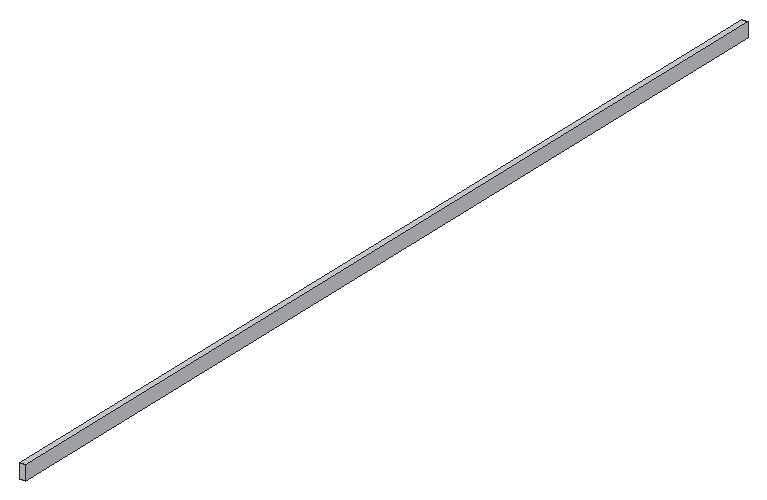
Revit family "20H", category Specialty Equipment, host Face, Revit 2020
Family settings
  Host = Face
  Round Connector Dimension = Use Diameter
  Part Type = Normal
  Cut with Voids When Loaded = No
  Shared = No
  Room Calculation Point = No
Parameters (values of type "SEE TYPE CATEGORY")
  Width = 0' - 0 1/2"
  URL = "http://www.emseal.com/"
  Type Image = EMSEAL 20H.jpg
  Pick Resistance = no
  Product Data URL = "https://bit.ly/3AFohRF"
  Tensile Strength (ASTM D3574) = "21 psi min; 145 kPa"
  Temperature Range (ASTM C711) = "185°F (85°C) to -40°F (-40°C)"
  Staining (ASTM C510) = "None"
  Seal Material Note = "N/A"
  Seal Material [instance] = N/A
  Rate of Air Leakage (ASTM E283) = "Passed"
  R Value Range (ASTM C518) = "2.1 per 1-inch (25mm) depth"
  Product Page URL = "https://bit.ly/3m3xjnw"
  Product Documentation URL = "https://bit.ly/3AFohRF"
  Movement (of Nominal Material Size) = "+25% / -25%"
  Model = "20H"
  Manufacturer = "EMSEAL Joint Systems Ltd"
  Length [instance] = 6' - 6 23/32"
  Durometer Hardness of Silicone Coating (ASTM D2240) = "N/A"
  Description = "Below-Grade Wall Expansion Joint"
  Depth = 0' - 0 3/4"
  Default Elevation = 0' - 0"
  Assembly Code = "C3020200"
  ABAA Compliance = no
  Largest Depth [instance] = if(or(Width < 0' 3 191/256", Width > 0' 4"), Depth, 0' 4")  # 0' - 0 3/4"
  Largest Deep = no
  Large Depth [instance] = if(or(Width < 0' 2 127/256", Width > 0' 2 3/4"), Depth, 0' 3 1/8")  # 0' - 0 3/4"
  Large Deep = no
  Larger Depth [instance] = if(or(Width < 0' 2 253/256", Width > 0' 3 1/2"), Depth, 0' 3 1/2")  # 0' - 0 3/4"
  Larger Deep = no
  Smaller Depth [instance] = if(or(Width < 0' 0 253/256", Width > 0' 1 1/4"), Depth, 0' 2")  # 0' - 0 3/4"
  Smaller Deep = no
  Medium Depth [instance] = if(or(Width < 0' 1 195/256", Width > 0' 2 1/4"), Depth, 0' 2 3/4")  # 0' - 0 3/4"
  Medium Deep = no
  Small Depth [instance] = if(or(Width < 0' 1 125/256", Width > 0' 1 3/4"), Depth, 0' 2 1/2")  # 0' - 0 3/4"
  Small Deep = no
  Smallest Depth [instance] = if(Width < 0' 0 195/256", 0' 1 1/4", Depth)  # 0' - 1 1/4"
  Smallest Deep = yes
Types (3): name | Type Image | Pick Resistance | Product Data URL | Seal Material Note | Seal Material | R Value Range (ASTM C518) | Product Page URL | Product Documentation URL | Movement (of Nominal Material Size) | Model | Durometer Hardness of Silicone Coating (ASTM D2240) | Description | Depth | ABAA Compliance | Largest Depth | Largest Deep | Large Depth | Large Deep | Larger Depth | Larger Deep | Smaller Depth | Smaller Deep | Medium Depth | Medium Deep | Small Depth | Small Deep
  (no name) | EMSEAL 20H.jpg | no | "https://bit.ly/3AFohRF" | "N/A" | N/A | "2.1 per 1-inch (25mm) depth" | "https://bit.ly/3m3xjnw" | "https://bit.ly/3AFohRF" | "+25% / -25%" | "20H" | "N/A" | "Below-Grade Wall Expansion Joint" | 0' - 0 3/4" | no | 0' - 0 3/4" | no | 0' - 0 3/4" | no | 0' - 0 3/4" | no | 0' - 0 3/4" | no | 0' - 0 3/4" | no | 0' - 0 3/4" | no
  DFR - .5 inches | (empty or 0) | yes | "https://bit.ly/34iawcN" | "Emshield DFR-CE is coated on the top and bottom with water-resistant silicone." | none | "1.03 per 1-inch (25mm) depth" | "https://cdn.emseal.com/wp-content/uploads/2020/01/Emshield-DFR-WFR-CE-Product-Data-Sheet-CE-marked-EN1366-4-movment-joint-Emseal.pdf" | "https://bit.ly/2yzQuP1" | "+50% / -50%" | "Emshield DFR-CE" | "Shore A: 25" | "CE Marked, EN 1366-4 Tested Watertight Fire-resistant movement joint" | 0' - 4" | yes | 0' - 4" | yes | 0' - 4" | yes | 0' - 4" | yes | 0' - 4" | yes | 0' - 4" | yes | 0' - 4" | yes
  SEE TYPE CATEGORY | EMSEAL 20H.jpg | no | "https://bit.ly/3AFohRF" | "N/A" | N/A | "2.1 per 1-inch (25mm) depth" | "https://bit.ly/3m3xjnw" | "https://bit.ly/3AFohRF" | "+25% / -25%" | "20H" | "N/A" | "Below-Grade Wall Expansion Joint" | 0' - 0 3/4" | no | 0' - 0 3/4" | no | 0' - 0 3/4" | no | 0' - 0 3/4" | no | 0' - 0 3/4" | no | 0' - 0 3/4" | no | 0' - 0 3/4" | no
Reference planes (in)
  plane 1 "Center (Front/Back)": y = 0
  plane 2: z = 0
  plane 3 "Center (Left/Right)": x = 0
  plane 4 "Width 1": x = -0.25
  plane 5 "Width 2": x = 0.25
  plane 6: y = 39.35937
  plane 7: y = -39.35938
  plane 8: z = -1.25
  plane 9: z = -0.75
  plane 10: z = -0.75
  plane 11: z = -0.75
  plane 12: z = -0.75
  plane 13: z = -0.75
  plane 14: z = -0.75
Forms (in)
  Extrusion 1, void
    sketch origin (0, 0, 0) x (1, 0, 0) y (0, 1, 0)
      loop
        line (-0.25, -39.35938) -> (0.25, -39.35938) -> (0.25, 39.35937) -> (-0.25, 39.35937) -> (-0.25, -39.35938)
    from 0 to -30
  Extrusion 2, solid, visible <- "Smallest Deep"
    sketch origin (0, 0, 0) x (1, 0, 0) y (0, 1, 0)
      loop
        line (-0.25, 39.35937) -> (-0.25, -39.35938) -> (0.25, -39.35938) -> (0.25, 39.35937) -> (-0.25, 39.35937)
    from 0 to -1.25
  Extrusion 3, solid, visible <- "Smaller Deep"
    sketch origin (0, 0, 0) x (1, 0, 0) y (0, 1, 0)
      loop
        line (-0.25, 39.35937) -> (-0.25, -39.35938) -> (0.25, -39.35938) -> (0.25, 39.35937) -> (-0.25, 39.35937)
    from 0 to -0.75
  Extrusion 4, solid, visible <- "Small Deep"
    sketch origin (0, 0, 0) x (1, 0, 0) y (0, 1, 0)
      loop
        line (-0.25, 39.35937) -> (-0.25, -39.35938) -> (0.25, -39.35938) -> (0.25, 39.35937) -> (-0.25, 39.35937)
    from 0 to -0.75
  Extrusion 5, solid, visible <- "Medium Deep"
    sketch origin (0, 0, 0) x (1, 0, 0) y (0, 1, 0)
      loop
        line (-0.25, 39.35937) -> (-0.25, -39.35938) -> (0.25, -39.35938) -> (0.25, 39.35937) -> (-0.25, 39.35937)
    from 0 to -0.75
  Extrusion 6, solid, visible <- "Large Deep"
    sketch origin (0, 0, 0) x (1, 0, 0) y (0, 1, 0)
      loop
        line (-0.25, 39.35937) -> (-0.25, -39.35938) -> (0.25, -39.35938) -> (0.25, 39.35937) -> (-0.25, 39.35937)
    from 0 to -0.75
  Extrusion 7, solid, visible <- "Larger Deep"
    sketch origin (0, 0, 0) x (1, 0, 0) y (0, 1, 0)
      loop
        line (-0.25, 39.35937) -> (-0.25, -39.35938) -> (0.25, -39.35938) -> (0.25, 39.35937) -> (-0.25, 39.35937)
    from 0 to -0.75
  Extrusion 8, solid, visible <- "Largest Deep"
    sketch origin (0, 0, 0) x (1, 0, 0) y (0, 1, 0)
      loop
        line (-0.25, 39.35937) -> (-0.25, -39.35938) -> (0.25, -39.35938) -> (0.25, 39.35937) -> (-0.25, 39.35937)
    from 0 to -0.75
Dimensions and locks (in)
  "Width": plane 4 "Width 1" to plane 5 "Width 2"
  equal spacing: plane 4 "Width 1", plane 3 "Center (Left/Right)", plane 5 "Width 2"
  equal spacing: plane 6, plane 1 "Center (Front/Back)", plane 7
  "Length": plane 6 to plane 7
  "Smallest Depth": plane 2 to plane 8
  "Smaller Depth": plane 2 to plane 9
  "Small Depth": plane 2 to plane 10
  "Medium Depth": plane 2 to plane 11
  "Large Depth": plane 2 to plane 12
  "Larger Depth": plane 2 to plane 13
  "Largest Depth": plane 2 to plane 14
  aligned and locked: plane 2 to host face
  aligned and locked: level to host face
  aligned and locked: Extrusion 1 sketch curve to plane 7
  aligned and locked: Extrusion 1 sketch curve to plane 4 "Width 1"
  aligned and locked: plane 6 to Extrusion 1 sketch curve
  aligned and locked: plane 5 "Width 2" to Extrusion 1 sketch curve
  aligned and locked: Extrusion 2 sketch curve to plane 6
  aligned and locked: plane 4 "Width 1" to Extrusion 2 sketch curve
  aligned and locked: plane 7 to Extrusion 2 sketch curve
  aligned and locked: Extrusion 2 sketch curve to plane 5 "Width 2"
  aligned and locked: Extrusion 2 to plane 8
  aligned and locked: level to Extrusion 2
  aligned and locked: Extrusion 3 to plane 9
  aligned and locked: level to Extrusion 3
  aligned and locked: Extrusion 3 to plane 4 "Width 1"
  aligned and locked: plane 5 "Width 2" to Extrusion 3
  aligned and locked: Extrusion 4 to plane 4 "Width 1"
  aligned and locked: plane 5 "Width 2" to Extrusion 4
  aligned and locked: level to Extrusion 4
  aligned and locked: level to Extrusion 5
  aligned and locked: Extrusion 5 to plane 4 "Width 1"
  aligned and locked: plane 5 "Width 2" to Extrusion 5
  aligned and locked: Extrusion 5 to plane 11
  aligned and locked: Extrusion 6 to plane 12
  aligned and locked: Extrusion 6 to plane 4 "Width 1"
  aligned and locked: plane 5 "Width 2" to Extrusion 6
  aligned and locked: level to Extrusion 6
  aligned and locked: Extrusion 7 to plane 13
  aligned and locked: Extrusion 7 to plane 4 "Width 1"
  aligned and locked: plane 5 "Width 2" to Extrusion 7
  aligned and locked: level to Extrusion 7
  aligned and locked: Extrusion 8 to plane 14
  aligned and locked: Extrusion 8 to plane 4 "Width 1"
  aligned and locked: plane 5 "Width 2" to Extrusion 8
  aligned and locked: level to Extrusion 8
  aligned and locked: Extrusion 4 to plane 10
Automatic sketch dimensions
  host sketch curve to host sketch curve = 8' - 0"  (x2)
  Extrusion 3 sketch curve to plane 4 "Width 1" = 0' - 0"
  Extrusion 3 sketch curve to plane 5 "Width 2" = 0' - 0"
  Extrusion 3 sketch curve to plane 7 = 0' - 0"
  Extrusion 3 sketch curve to plane 6 = 0' - 0"
  Extrusion 4 sketch curve to plane 4 "Width 1" = 0' - 0"
  Extrusion 4 sketch curve to plane 5 "Width 2" = 0' - 0"
  Extrusion 4 sketch curve to plane 7 = 0' - 0"
  Extrusion 4 sketch curve to plane 6 = 0' - 0"
  Extrusion 5 sketch curve to plane 4 "Width 1" = 0' - 0"
  Extrusion 5 sketch curve to plane 5 "Width 2" = 0' - 0"
  Extrusion 5 sketch curve to plane 7 = 0' - 0"
  Extrusion 5 sketch curve to plane 6 = 0' - 0"
  Extrusion 6 sketch curve to plane 4 "Width 1" = 0' - 0"
  Extrusion 6 sketch curve to plane 5 "Width 2" = 0' - 0"
  Extrusion 6 sketch curve to plane 7 = 0' - 0"
  Extrusion 6 sketch curve to plane 6 = 0' - 0"
  Extrusion 7 sketch curve to plane 4 "Width 1" = 0' - 0"
  Extrusion 7 sketch curve to plane 5 "Width 2" = 0' - 0"
  Extrusion 7 sketch curve to plane 7 = 0' - 0"
  Extrusion 7 sketch curve to plane 6 = 0' - 0"
  Extrusion 8 sketch curve to plane 4 "Width 1" = 0' - 0"
  Extrusion 8 sketch curve to plane 5 "Width 2" = 0' - 0"
  Extrusion 8 sketch curve to plane 7 = 0' - 0"
  Extrusion 8 sketch curve to plane 6 = 0' - 0"
Types in the file's own list only (15): name | Width | Depth | Default Elevation | Largest Deep | Large Deep | Larger Deep | Smaller Deep | Medium Deep | Small Deep | Smallest Deep
  20H - .5 inches | 1/2" | 3/4" | 0" | No | No | No | No | No | No | Yes
  20H - .75 inches | 3/4" | 3/4" | 0" | No | No | No | No | No | No | Yes
  20H - 1 inches | 1" | 3/4" | 0" | No | No | No | Yes | No | No | No
  20H - 1.25 inches | 1 1/4" | 3/4" | 0" | No | No | No | Yes | No | No | No
  20H - 1.5 inches | 1 1/2" | 3/4" | 0" | No | No | No | No | No | Yes | No
  20H - 1.75 inches | 1 3/4" | 3/4" | 0" | No | No | No | No | No | Yes | No
  20H - 2 inches | 2" | 3/4" | 0" | No | No | No | No | Yes | No | No
  20H - 2.25 inches | 2 1/4" | 3/4" | 0" | No | No | No | No | Yes | No | No
  20H - 2.5 inches | 2 1/2" | 3/4" | 0" | No | Yes | No | No | No | No | No
  20H - 2.75 inches | 2 3/4" | 3/4" | 0" | No | Yes | No | No | No | No | No
  20H - 3 inches | 3" | 3/4" | 0" | No | No | Yes | No | No | No | No
  20H - 3.25 inches | 3 1/4" | 3/4" | 0" | No | No | Yes | No | No | No | No
  20H - 3.5 inches | 3 1/2" | 3/4" | 0" | No | No | Yes | No | No | No | No
  20H - 3.75 inches | 3 3/4" | 3/4" | 0" | Yes | No | No | No | No | No | No
  20H - 4 inches | 4" | 3/4" | 0" | Yes | No | No | No | No | No | No
